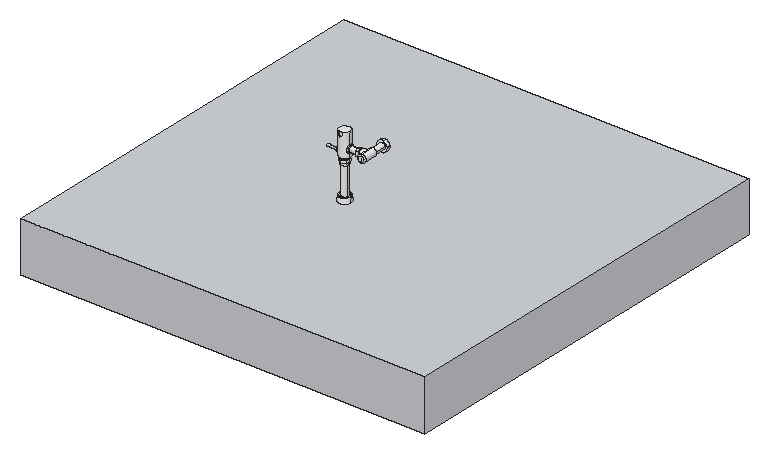
Revit family
Parameters (values of type "Chrome-CP-Polished_Chrome")
  Width Calc = if(Width < 0' 4 3/8", 0' 4 3/8", if(Width > 0' 5 3/8", 0' 5 3/8", Width))  # 0' - 5 3/8"
  Width = 0' - 5 3/8"
  URL = "http://www.us.kohler.com"
  Product Page URL = "http://www.us.kohler.com/onlinecatalog/detail.jsp?prod_num=13516"
  Product Documentation Link = "http://www.us.kohler.com/onlinecatalog/pdf/1151511_4.pdf"
  Overall Width [instance] = 0' - 10.72808"
  Overall Length [instance] = 0' - 6.81488"
  Overall Height [instance] = 1' - 1.40793"
  Model = "K-13516"  # constant formula
  Manufacturer = "Kohler"  # constant formula
  Length Calc = if(Length < 0' 2 1/4", 0' 2 1/4", if(Length > 0' 5", 0' 5", Length))  # 0' - 5"
  Length = 0' - 5"
  Height Calc = if(Height < 0' 11 3/4", 0' 11 3/4", if(Height > 1' 3", 1' 3", Height))  # 1' - 3"
  Height = 1' - 3"
  Flush Rate = 1.6 GPM
  Finish = Chrome-Kohler-CP-Polished Chrome
  Description = "Manual 1.6 gpf Toilet Flush Valve"  # constant formula
  Default Elevation = 0' - 0"
  Created By = "http://www.medialab3dstudio.com"
  Cold Water Radius = 0.688"
  Cold Water Diameter = Cold Water Radius * 2  # 1.37601"
  Cold Water Connector = "Cold Water Connection"  # constant formula
  CWFU = 0
  CW Connection = yes
  Assembly Code = "D2090900"
Reference planes (in)
  plane 1 "Back": y = 0
  plane 2 "Bottom": z = 0
  plane 3 "Center (Left/Right)": x = 0
  plane 4: x = -5.375
  plane 5: z = 11.41556
  plane 6 "Front/Back Center": y = -5
  plane 7: z = 1.05106
  plane 8: z = 1.185
  plane 9: z = 7.87954
  plane 10: z = 8.35583
  plane 11: z = 8.88725
  plane 12: z = 8.93449
  plane 13: z = 8.97384
  plane 14: z = 9.06183
  plane 15: z = 9.28863
  plane 16: z = 9.60385
  plane 17 "Top": z = 15
  plane 18: x = -6.88078
  plane 19: x = -2.05196
  plane 20: x = -3.87111
  plane 21: x = -1.47211
  plane 22: y = -6.14864
  plane 23: y = -6.26572
  plane 24: y = -6.6602
  plane 25: y = -3.44865
  plane 26: z = 12.29047
  plane 27: y = -0.59834
  plane 28: z = 0.97713
  plane 29: z = 8.38059
  plane 30: x = -1.27845
  plane 31: x = -1.25
  plane 32: x = -0.688
  plane 33: x = 1.27845
  plane 34: x = 1.25
  plane 35: x = 0.688
  plane 36: x = 0.87506
  plane 37: x = 0.72038
  plane 38: x = -0.72038
  plane 39: x = -0.87506
  plane 40: x = -3.96479
  plane 41: x = -4.07445
  plane 42: x = -6.80478
  plane 43: x = -6.88078
  plane 44: x = -9.41535
  plane 45: y = -4.78862
  plane 46: y = -5.21138
  plane 47: y = -4.52749
  plane 48: y = -4.24098
  plane 49: y = -4.29211
  plane 50: y = -4.34356
  plane 51: y = -4.16444
  plane 52: y = -6.81488
  plane 53: y = -5.83556
  plane 54: y = -5.65644
  plane 55: y = -5.70789
  plane 56: y = -5.75902
  plane 57: y = -5.47251
  plane 58 "Left": x = -9.44963
  plane 59 "Front": y = -6.81488
  plane 60 "Right": x = 1.27845
  plane 61: x = -6.88084
  plane 62: x = -6.75625
  plane 63: x = -6.4773
  plane 64: x = -6.12495
  plane 65: x = -6.35909
  plane 66: x = -6.40833
  plane 67: x = -6.31969
  plane 68: x = -6.28034
  plane 69: x = -6.24094
  plane 70: x = -6.55616
  plane 71: x = -6.63458
  plane 72: x = -6.73347
  plane 73: x = -6.76287
  plane 74: x = -6.94676
  plane 75: x = -6.99622
  plane 76: x = -9.41535
  plane 77: x = -4.11542
  plane 78: x = -3.95787
  plane 79: x = -3.86916
  plane 80: x = -0.96761
  plane 81: x = -4.17103
  plane 82: x = -4.50906
  plane 83: x = -4.46999
  plane 84: x = -4.4302
  plane 85: x = -4.34167
  plane 86: x = -4.39091
  plane 87: x = -4.62505
  plane 88: x = -4.2727
  plane 89: x = -3.99375
  plane 90: z = 0
  plane 91: z = 9.81043
  plane 92: z = 9.83953
  plane 93: z = 10.07095
  plane 94: z = 10.09239
  plane 95: z = 10.10111
  plane 96: z = 10.52357
  plane 97: z = 10.53229
  plane 98: z = 10.55372
  plane 99: z = 10.78939
  plane 100: z = 10.8188
  plane 101: z = 12.28078
  plane 102: z = 12.12323
  plane 103: z = 12.07199
  plane 104: z = 12.35933
  plane 105: z = 12.25112
  plane 106: z = 10.57999
  plane 107: z = 10.47179
  plane 108: z = 10.76367
  plane 109: z = 10.71243
  plane 110: z = 12.694
  plane 111: z = 12.66556
  plane 112: z = 12.10356
  plane 113: z = 12.29047
  plane 114: z = 14.42934
  plane 115: z = 13.97262
  plane 116: z = 12.14259
  plane 117: z = 10.68827
  plane 118: z = 10.54065
  plane 119: z = 10.72755
  plane 120: z = 10.16556
  plane 121: z = 10.13711
  plane 122: y = -3.74042
  plane 123: y = -6.18507
  plane 124: y = -6.26029
  plane 125: y = -6.19812
  plane 126: y = -5.86612
  plane 127: y = -5.94467
  plane 128: y = -6.19319
  plane 129: y = -5.98409
  plane 130: y = -5.74888
  plane 131: y = -5.95462
  plane 132: y = -6.38125
  plane 133: y = -6.50584
  plane 134: y = -3.49416
  plane 135: y = -3.61875
  plane 136: y = -4.04538
  plane 137: y = -4.25005
  plane 138: y = -4.01573
  plane 139: y = -3.80681
  plane 140: y = -4.05533
  plane 141: y = -4.13388
  plane 142: y = -3.80188
Forms (in)
  Extrusion 1, solid
    sketch origin (0, 0, 0) x (1, 0, 0) y (0, 1, 0)
      loop
        line (-48, 48) -> (-48, -48) -> (48, -48) -> (48, 48) -> (-48, 48)
    from 0 to -12
  Blend 2, solid, material "Chrome-Kohler-CP-Polished Chrome" <- "Finish", detail levels fine
    base sketch origin (0, -3.86406, 0) x (1, 0, 0) y (0, 1, 0)
      loop
        circle (-5.375, -1.13594) r 1.50584
    top sketch origin (0, -3.86406, 0) x (1, 0, 0) y (0, 1, 0)
      loop
        circle (-5.375, -1.13594) r 1.38125
    from 0 to 1.05106
  Blend 3, solid, material "Chrome-Kohler-CP-Polished Chrome" <- "Finish", detail levels fine
    base sketch origin (0, -3.86406, 0) x (1, 0, 0) y (0, 1, 0)
      loop
        circle (-5.375, -1.13594) r 0.74995
    top sketch origin (0, -3.86406, 0) x (1, 0, 0) y (0, 1, 0)
      loop
        circle (-5.375, -1.13594) r 0.74995
    from 1.185 to 7.87954
  Blend 4, solid, material "Chrome-Kohler-CP-Polished Chrome" <- "Finish", detail levels fine
    base sketch origin (0, -3.86406, 0) x (1, 0, 0) y (0, 1, 0)
      loop
        circle (-5.375, -1.13594) r 0.98409
    top sketch origin (0, -3.86406, 0) x (1, 0, 0) y (0, 1, 0)
      loop
        circle (-5.375, -1.13594) r 0.98409
    from 7.87954 to 8.35583
  Blend 5, solid, material "Chrome-Kohler-CP-Polished Chrome" <- "Finish", detail levels fine
    base sketch origin (0, -3.86406, 0) x (1, 0, 0) y (0, 1, 0)
      loop
        circle (-5.375, -1.13594) r 0.94469
    top sketch origin (0, -3.86406, 0) x (1, 0, 0) y (0, 1, 0)
      loop
        circle (-5.375, -1.13594) r 0.94469
    from 8.88725 to 8.93449
  Blend 6, solid, material "Chrome-Kohler-CP-Polished Chrome" <- "Finish", detail levels fine
    base sketch origin (0, -3.86406, 0) x (1, 0, 0) y (0, 1, 0)
      loop
        circle (-5.375, -1.13594) r 0.94469
    top sketch origin (0, -3.86406, 0) x (1, 0, 0) y (0, 1, 0)
      loop
        circle (-5.375, -1.13594) r 0.90545
    from 8.93449 to 8.97384
  Revolve 7, solid, material "Chrome-Kohler-CP-Polished Chrome" <- "Finish", detail levels fine
    sketch origin (0, -5, 0) x (1, 0, 0) y (0, 0, 1)
      loop
        line (-5.375, 9.06183) -> (-6.24094, 9.06183)
        arc (-6.24094, 9.06183) -> (-6.25183, 9.01386) -> (-6.28045, 8.97384) r 0.12456
        line (-6.28045, 8.97384) -> (-5.375, 8.97384) -> (-5.375, 9.06183)
      axis (-5.375, 9.06183) -> (-5.375, 8.97384)
    angle from 0 to 360
  Blend 8, solid, material "Chrome-Kohler-CP-Polished Chrome" <- "Finish", detail levels fine
    base sketch origin (0, -3.86406, 0) x (1, 0, 0) y (0, 1, 0)
      loop
        circle (-5.375, -1.13594) r 0.86594
    top sketch origin (0, -3.86406, 0) x (1, 0, 0) y (0, 1, 0)
      loop
        circle (-5.375, -1.13594) r 0.86594
    from 9.06183 to 9.28863
  Revolve 9, solid, material "Chrome-Kohler-CP-Polished Chrome" <- "Finish", detail levels fine
    sketch origin (0, -5, 0) x (1, 0, 0) y (0, 0, 1)
      loop
        arc (-6.5696, 9.60385) -> (-6.34216, 9.51227) -> (-6.24164, 9.28863) r 0.32822
        line (-6.24164, 9.28863) -> (-5.375, 9.28863) -> (-5.375, 9.60385) -> (-6.5696, 9.60385)
      axis (-5.375, 9.60385) -> (-5.375, 9.28863)
    angle from 0 to 360
  Blend 10, solid, material "Chrome-Kohler-CP-Polished Chrome" <- "Finish", detail levels fine
    base sketch origin (0, -3.86406, 0) x (1, 0, 0) y (0, 1, 0)
      loop
        circle (-5.375, -1.13594) r 1.25958
    top sketch origin (0, -3.86406, 0) x (1, 0, 0) y (0, 1, 0)
      loop
        circle (-5.375, -1.13594) r 1.25958
    from 9.60385 to 15
  Revolve 11, solid, material "Chrome-Kohler-CP-Polished Chrome" <- "Finish", detail levels fine
    sketch origin (0, -5, -0.14367) x (1, 0, 0) y (0, 0, 1)
      loop
        line (-9.44936, 10.456) -> (-5.375, 10.456) -> (-5.375, 10.95791) -> (-6.73377, 10.95791)
        arc (-6.73377, 10.95791) -> (-6.74255, 10.93711) -> (-6.76343, 10.92851) r 0.02966
        line (-6.76343, 10.92851) -> (-6.88078, 10.92851) -> (-6.88078, 10.69739)
        arc (-6.88078, 10.69739) -> (-6.90901, 10.69022) -> (-6.93624, 10.6799) r 0.2572
        arc (-6.93624, 10.6799) -> (-6.96512, 10.67051) -> (-6.99532, 10.66734) r 0.14525
        line (-6.99532, 10.66734) -> (-9.41535, 10.66734)
        arc (-9.41535, 10.66734) -> (-9.44051, 10.56298) -> (-9.44936, 10.456) r 0.69777
      axis (-5.375, 10.456) -> (-9.44936, 10.456)
    angle from 0 to 360
  Revolve 12, solid, material "Chrome-Kohler-CP-Polished Chrome" <- "Finish", detail levels fine
    sketch origin (0, -5, 0) x (1, 0, 0) y (0, 0, 1)
      loop
        line (-4.1152, 12.28074) -> (-5.375, 12.28074) -> (-5.375, 11.41556) -> (-2.05196, 11.41556) -> (-2.05196, 12.07199) -> (-3.87111, 12.07199) -> (-3.87111, 12.12323) -> (-3.9577, 12.12323)
        arc (-3.9577, 12.12323) -> (-4.06907, 12.16937) -> (-4.1152, 12.28074) r 0.1575
      axis (-5.375, 11.41556) -> (-2.05196, 11.41556)
    angle from 0 to 360
  Blend 13, solid, material "Chrome-Kohler-CP-Polished Chrome" <- "Finish", detail levels fine
    base sketch origin (0, 0, 0) x (0, 1, 0) y (0, 0, 1)
      loop
        line (-4.18267, 11.88744) -> (-5, 12.35933) -> (-5.81733, 11.88744) -> (-5.81733, 10.94367) -> (-5, 10.47179) -> (-4.18267, 10.94367) -> (-4.18267, 11.88744)
    top sketch origin (0, 0, 0) x (0, 1, 0) y (0, 0, 1)
      loop
        line (-4.18267, 11.88744) -> (-5, 12.35933) -> (-5.81733, 11.88744) -> (-5.81733, 10.94367) -> (-5, 10.47179) -> (-4.18267, 10.94367) -> (-4.18267, 11.88744)
    from -2.05196 to -1.47211
  Blend 14, void
    base sketch origin (0, 0, 0) x (1, 0, 0) y (0, 0, 1)
      loop
        arc (-5.82421, 14.42934) -> (-5.37495, 13.98007) -> (-4.92568, 14.42934) r 0.44926
        line (-4.92568, 14.42934) -> (-4.92568, 15.03972) -> (-5.82421, 15.03972) -> (-5.82421, 14.42934)
    top sketch origin (0, 0, 0) x (1, 0, 0) y (0, 0, 1)
      loop
        line (-4.95822, 14.42934) -> (-4.95822, 15.03972) -> (-5.79167, 15.03972) -> (-5.79167, 14.42934)
        arc (-5.79167, 14.42934) -> (-5.37495, 14.01261) -> (-4.95822, 14.42934) r 0.41673
    from 6.26572 to 6.14864
  Blend 15, solid, material "Chrome-Kohler-CP-Polished Chrome" <- "Finish", detail levels fine
    base sketch origin (0, 0, 0) x (0, 1, 0) y (0, 0, 1)
      loop
        circle (-5, 11.41556) r 0.83556
    top sketch origin (0, 0, 0) x (0, 1, 0) y (0, 0, 1)
      loop
        circle (-5, 11.41556) r 0.83556
    from -1.47211 to 0
  Revolve 16, solid, material "Chrome-Kohler-CP-Polished Chrome" <- "Finish", detail levels fine
    sketch origin (0, 3.18594, 0) x (0, 1, 0) y (0, 0, 1)
      loop
        line (-6.63459, 11.41556) -> (-6.63459, 12.29047) -> (-9.84614, 12.29047)
        arc (-9.84614, 12.29047) -> (-9.95482, 12.24932) -> (-10.00039, 12.14242) r 0.14817
        line (-10.00039, 12.14242) -> (-10.00039, 11.41556) -> (-6.63459, 11.41556)
      axis (-6.63459, 11.41556) -> (-10.00039, 11.41556)
    angle from 0 to 360
  Blend 17, solid, material "Chrome-Kohler-CP-Polished Chrome" <- "Finish", detail levels fine
    base sketch origin (0, 0, 0) x (1, 0, 0) y (0, 0, 1)
      loop
        circle (0, 11.41556) r 0.688
    top sketch origin (0, 0, 0) x (1, 0, 0) y (0, 0, 1)
      loop
        circle (0, 11.41556) r 0.688
    from 0.59834 to 3.44865
  Blend 18, solid, material "Chrome-Kohler-CP-Polished Chrome" <- "Finish", detail levels fine
    base sketch origin (0, 0, 0) x (1, 0, 0) y (0, 0, 1)
      loop
        circle (0, 11.41556) r 1.27845
    top sketch origin (0, 0, 0) x (1, 0, 0) y (0, 0, 1)
      loop
        circle (0, 11.41556) r 1.25
    from 0 to 0.59834
  Blend 19, solid, material "Chrome-Kohler-CP-Polished Chrome" <- "Finish", detail levels fine
    base sketch origin (0, 0, 0) x (1, 0, 0) y (0, 1, 0)
      loop
        line (-5.375, -3.80681) -> (-6.40833, -4.40341) -> (-6.40833, -5) -> (-6.40833, -5.59659) -> (-5.375, -6.19319) -> (-4.34167, -5.59659) -> (-4.34167, -5) -> (-4.34167, -4.40341) -> (-5.375, -3.80681)
    top sketch origin (0, 0, 0) x (1, 0, 0) y (0, 1, 0)
      loop
        line (-5.375, -3.80681) -> (-6.40833, -4.40341) -> (-6.40833, -5) -> (-6.40833, -5.59659) -> (-5.375, -6.19319) -> (-4.34167, -5.59659) -> (-4.34167, -5) -> (-4.34167, -4.40341) -> (-5.375, -3.80681)
    from 8.35583 to 8.88725
  Blend 20, solid, material "Chrome-Kohler-CP-Polished Chrome" <- "Finish", detail levels fine
    base sketch origin (0, 0, 0) x (1, 0, 0) y (0, 1, 0)
      loop
        line (-4.82385, -4.04538) -> (-5.92615, -4.04538) -> (-6.4773, -5) -> (-5.92615, -5.95462) -> (-4.82385, -5.95462) -> (-4.2727, -5) -> (-4.82385, -4.04538)
    top sketch origin (0, 0, 0) x (1, 0, 0) y (0, 1, 0)
      loop
        line (-4.82385, -4.04538) -> (-5.92615, -4.04538) -> (-6.4773, -5) -> (-5.92615, -5.95462) -> (-4.82385, -5.95462) -> (-4.2727, -5) -> (-4.82385, -4.04538)
    from 1.05106 to 1.185
  Extrusion 21, solid, material "Chrome-Kohler-CP-Polished Chrome" <- "Finish", detail levels coarse+medium
    sketch origin (0, 0, 0) x (1, 0, 0) y (0, 1, 0)
      loop
        line (-9.44963, 0) -> (-9.44963, -6.81488) -> (1.27845, -6.81488) -> (1.27845, 0) -> (-9.44963, 0)
    from 0 to 15
  Extrusion 22, void
    sketch origin (0, 0, 0) x (1, 0, 0) y (0, 0, 1)
      loop
        arc (0.688, 11.41556) -> (0.48649, 11.90205) -> (0, 12.10356) r 0.688
        arc (0, 12.10356) -> (-0.48649, 11.90205) -> (-0.688, 11.41556) r 0.688
        arc (-0.688, 11.41556) -> (-0.48649, 10.92906) -> (0, 10.72755) r 0.688
        arc (0, 10.72755) -> (0.48649, 10.92906) -> (0.688, 11.41556) r 0.688
    from 0 to 0.59834
Cuts and joins
  joined: Blend 2, Blend 3, Blend 4, Blend 5, Blend 19, Blend 20
  Blend 14 cuts Blend 10
  Extrusion 22 cuts Blend 18
  joined: Revolve 9, Blend 10, Revolve 11, Revolve 12, Blend 13, Blend 15, Revolve 16, Blend 17, Blend 18
Lines and regions (in)
  Masking region 1, detail levels medium+fine
    outline origin (0, -5, 0) x (1, 0, 0) y (0, 0, 1)
      loop
        line (-6.88084, 0) -> (-3.86916, 0) -> (-3.99375, 1.05106) -> (-4.2727, 1.05106) -> (-4.2727, 1.185) -> (-4.62505, 1.185) -> (-4.62505, 7.87954) -> (-4.39091, 7.87954) -> (-4.39091, 8.35583) -> (-4.34167, 8.35583) -> (-4.34167, 8.88725) -> (-4.4302, 8.88725) -> (-4.4302, 8.93449) -> (-4.46955, 8.97384)
        arc (-4.46955, 8.97384) -> (-4.49873, 9.0136) -> (-4.50906, 9.06183) r 0.11774
        line (-4.50906, 9.06183) -> (-4.50906, 9.28863)
        arc (-4.50906, 9.28863) -> (-4.40479, 9.51567) -> (-4.17103, 9.60385) r 0.32874
        line (-4.17103, 9.60385) -> (-4.11537, 9.60385) -> (-4.11537, 10.55492)
        arc (-4.11537, 10.55492) -> (-4.06924, 10.66629) -> (-3.95787, 10.71243) r 0.1575
        line (-3.95787, 10.71243) -> (-3.86916, 10.71243) -> (-3.86916, 10.76367) -> (-2.05196, 10.76367) -> (-2.05196, 10.47179) -> (-1.47211, 10.47179) -> (-1.47211, 10.57999) -> (-0.96761, 10.57999)
        arc (-0.96761, 10.57999) -> (0.44575, 10.21733) -> (1.27845, 11.41556) r 1.27845
        arc (1.27845, 11.41556) -> (0.44575, 12.61378) -> (-0.96761, 12.25112) r 1.27845
        line (-0.96761, 12.25112) -> (-1.47211, 12.25112) -> (-1.47211, 12.35933) -> (-2.05196, 12.35933) -> (-2.05196, 12.07199) -> (-3.86916, 12.07199) -> (-3.86916, 12.12323) -> (-3.95787, 12.12323)
        arc (-3.95787, 12.12323) -> (-4.06927, 12.16938) -> (-4.11542, 12.28078) r 0.15754
        line (-4.11542, 12.28078) -> (-4.11542, 15) -> (-6.63458, 15) -> (-6.63458, 10.8188) -> (-6.73347, 10.8188)
        arc (-6.73347, 10.8188) -> (-6.74208, 10.79801) -> (-6.76287, 10.78939) r 0.0294
        line (-6.76287, 10.78939) -> (-6.88084, 10.78939) -> (-6.88084, 10.55371)
        arc (-6.88084, 10.55371) -> (-6.91447, 10.54505) -> (-6.94676, 10.53229) r 0.27867
        arc (-6.94676, 10.53229) -> (-6.97091, 10.52464) -> (-6.99622, 10.52357) r 0.09614
        line (-6.99622, 10.52357) -> (-9.41517, 10.52357)
        arc (-9.41517, 10.52357) -> (-9.44963, 10.31234) -> (-9.41517, 10.10111) r 0.66451
        line (-9.41517, 10.10111) -> (-6.99622, 10.10111)
        arc (-6.99622, 10.10111) -> (-6.97091, 10.10003) -> (-6.94676, 10.09239) r 0.09614
        arc (-6.94676, 10.09239) -> (-6.91444, 10.07961) -> (-6.88078, 10.07095) r 0.279
        line (-6.88078, 10.07095) -> (-6.88078, 9.83953) -> (-6.76287, 9.83953)
        arc (-6.76287, 9.83953) -> (-6.7421, 9.83111) -> (-6.73347, 9.81043) r 0.02911
        line (-6.73347, 9.81043) -> (-6.63458, 9.81043) -> (-6.63458, 9.60385) -> (-6.55616, 9.60385)
        arc (-6.55616, 9.60385) -> (-6.33326, 9.51152) -> (-6.24094, 9.28863) r 0.31522
        line (-6.24094, 9.28863) -> (-6.24094, 9.06183)
        arc (-6.24094, 9.06183) -> (-6.25253, 9.01421) -> (-6.28034, 8.97384) r 0.13527
        line (-6.28034, 8.97384) -> (-6.31969, 8.93449) -> (-6.31969, 8.88725) -> (-6.40833, 8.88725) -> (-6.40833, 8.35583) -> (-6.35909, 8.35583) -> (-6.35909, 7.87954) -> (-6.12495, 7.87954) -> (-6.12495, 1.185) -> (-6.4773, 1.185) -> (-6.4773, 1.05106) -> (-6.75625, 1.05106) -> (-6.88084, 0)
  Masking region 2, detail levels medium+fine
    outline origin (0, 0, 0) x (1, 0, 0) y (0, 1, 0)
      loop
        line (-1.27845, 0) -> (-1.25, -0.59834) -> (-0.688, -0.59834) -> (-0.688, -3.44865) -> (-0.87506, -3.44865) -> (-0.87506, -4.16444) -> (-2.05196, -4.16444) -> (-2.05196, -4.34356) -> (-3.87111, -4.34356) -> (-3.87111, -4.29211) -> (-3.96479, -4.29211)
        arc (-3.96479, -4.29211) -> (-4.0251, -4.2783) -> (-4.07445, -4.24098) r 0.14758
        arc (-4.07445, -4.24098) -> (-5.53216, -3.50239) -> (-6.80478, -4.52749) r 1.50584
        line (-6.80478, -4.52749) -> (-6.88078, -4.52749) -> (-6.88078, -4.78862) -> (-9.41535, -4.78862)
        arc (-9.41535, -4.78862) -> (-9.44963, -5) -> (-9.41535, -5.21138) r 0.66887
        line (-9.41535, -5.21138) -> (-6.88078, -5.21138) -> (-6.88078, -5.47251) -> (-6.80478, -5.47251)
        arc (-6.80478, -5.47251) -> (-5.53216, -6.49761) -> (-4.07445, -5.75902) r 1.50584
        arc (-4.07445, -5.75902) -> (-4.0251, -5.7217) -> (-3.96479, -5.70789) r 0.14758
        line (-3.96479, -5.70789) -> (-3.87111, -5.70789) -> (-3.87111, -5.65644) -> (-2.05196, -5.65644) -> (-2.05196, -5.83556) -> (-0.87506, -5.83556) -> (-0.87506, -6.6602)
        arc (-0.87506, -6.6602) -> (-0.82976, -6.76958) -> (-0.72038, -6.81488) r 0.15468
        line (-0.72038, -6.81488) -> (0.72038, -6.81488)
        arc (0.72038, -6.81488) -> (0.82976, -6.76958) -> (0.87506, -6.6602) r 0.15468
        line (0.87506, -6.6602) -> (0.87506, -3.44865) -> (0.688, -3.44865) -> (0.688, -0.59834) -> (1.25, -0.59834) -> (1.27845, 0) -> (-1.27845, 0)
  Masking region 3, detail levels coarse
    outline origin (0, 0, 0) x (1, 0, 0) y (0, 1, 0)
      loop
        line (-9.44963, 0) -> (-9.44963, -6.81488) -> (1.27845, -6.81488) -> (1.27845, 0) -> (-9.44963, 0)
  Masking region 4, detail levels coarse
    outline origin (0, 0, 0) x (1, 0, 0) y (0, 0, 1)
      loop
        line (-9.44963, 15) -> (-9.44963, 0) -> (1.27845, 0) -> (1.27845, 15) -> (-9.44963, 15)
  Masking region 5, detail levels medium+fine
    outline origin (0, 0, 0) x (0, 1, 0) y (0, 0, 1)
      loop
        line (0, 10.13711) -> (0, 12.694) -> (-0.59834, 12.66556) -> (-0.59834, 12.10356) -> (-3.44865, 12.10356) -> (-3.44865, 12.29047) -> (-3.74042, 12.29047) -> (-3.74042, 15) -> (-6.18507, 15) -> (-6.18507, 14.42934)
        arc (-6.18507, 14.42934) -> (-6.204, 14.1979) -> (-6.26029, 13.97262) r 1.42415
        line (-6.26029, 13.97262) -> (-6.26029, 12.29047) -> (-6.6602, 12.29047)
        arc (-6.6602, 12.29047) -> (-6.767, 12.24752) -> (-6.81432, 12.14259) r 0.15425
        line (-6.81432, 12.14259) -> (-6.81432, 10.68827)
        arc (-6.81432, 10.68827) -> (-6.76877, 10.58156) -> (-6.6602, 10.54065) r 0.14776
        line (-6.6602, 10.54065) -> (-6.26029, 10.54065) -> (-6.26029, 9.60385) -> (-6.19812, 9.60385)
        arc (-6.19812, 9.60385) -> (-5.96916, 9.51243) -> (-5.86612, 9.28846) r 0.33244
        line (-5.86612, 9.28846) -> (-5.86612, 9.06183)
        arc (-5.86612, 9.06183) -> (-5.8937, 8.99072) -> (-5.94467, 8.93396) r 0.21202
        line (-5.94467, 8.93396) -> (-5.94467, 8.88725) -> (-6.19319, 8.88725) -> (-6.19319, 8.35583) -> (-5.98409, 8.35583) -> (-5.98409, 7.87954) -> (-5.74888, 7.87954) -> (-5.74888, 1.185) -> (-5.95462, 1.185) -> (-5.95462, 1.05106) -> (-6.38125, 1.05106) -> (-6.50584, 0) -> (-3.49416, 0) -> (-3.61875, 1.05106) -> (-4.04538, 1.05106) -> (-4.04538, 1.185) -> (-4.25005, 1.185) -> (-4.25005, 7.87954) -> (-4.01573, 7.87954) -> (-4.01573, 8.35583) -> (-3.80681, 8.35583) -> (-3.80681, 8.88725) -> (-4.05533, 8.88725) -> (-4.05533, 8.93396)
        arc (-4.05533, 8.93396) -> (-4.1063, 8.99072) -> (-4.13388, 9.06183) r 0.21202
        line (-4.13388, 9.06183) -> (-4.13388, 9.28846)
        arc (-4.13388, 9.28846) -> (-4.03084, 9.51243) -> (-3.80188, 9.60385) r 0.33244
        line (-3.80188, 9.60385) -> (-3.74042, 9.60385) -> (-3.74042, 10.54065) -> (-3.44865, 10.54065) -> (-3.44865, 10.72755) -> (-0.59834, 10.72755) -> (-0.59834, 10.16556) -> (0, 10.13711)
  Masking region 6, detail levels coarse
    outline origin (0, 0, 0) x (0, 1, 0) y (0, 0, 1)
      loop
        line (0, 15) -> (-6.81488, 15) -> (-6.81488, 0) -> (0, 0) -> (0, 15)
  Masking region 7, detail levels fine
    outline origin (0, 0, 0) x (1, 0, 0) y (0, 0, 1)
      loop
        circle (0, 11.41556) r 1.27845
  symbolic lines, style "Masking Lines", detail levels fine
    curve 1: line (-9.41541, 0, 10.101) -> (-9.41541, 0, 10.52367)
    curve 2: line (-6.88084, 0, 10.78484) -> (-6.88084, 0, 9.83983)
    curve 3: line (-6.73382, 0, 9.81043) -> (-6.73382, 0, 10.81425)
    curve 4: line (-6.63464, 0, 10.81425) -> (-6.63464, 0, 9.81043)
    curve 5: line (-4.11547, 0, 10.55037) -> (-4.11547, 0, 12.28074)
    curve 6: line (-4.11525, 0, 10.55037) -> (-4.11525, 0, 12.28074)
    curve 7: line (-3.87116, 0, 12.12323) -> (-3.87116, 0, 10.70788)
    curve 8: line (-6.63464, 0, 9.60385) -> (-4.11547, 0, 9.60385)
    curve 9: line (-6.24169, 0, 9.28863) -> (-4.50842, 0, 9.28863)
    curve 10: line (-6.24099, 0, 9.06183) -> (-4.50912, 0, 9.06183)
    curve 11: line (-6.2805, 0, 8.97384) -> (-4.46961, 0, 8.97384)
    curve 12: line (-4.43037, 0, 8.93449) -> (-6.31974, 0, 8.93449)
    curve 13: line (-6.40838, 0, 8.35583) -> (-4.34172, 0, 8.35583)
    curve 14: line (-5.37505, 0, 8.35583) -> (-5.37505, 0, 8.88725)
    curve 15: line (-6.35915, 0, 7.87954) -> (-4.39096, 0, 7.87954)
    curve 16: line (-5.80185, 0, 14.42934) -> (-5.80185, 0, 15)
    curve 17: line (-4.94816, 0, 15) -> (-4.94816, 0, 14.42934)
    curve 18: line (-4.94816, 0, 14.42934) -> (-5.80185, 0, 14.42934)
    curve 19: arc (-5.79173, 0, 14.42934) -> (-5.375, 0, 14.01261) -> (-4.95827, 0, 14.42934) r 0.41673
    curve 20: line (-5.79173, 0, 15) -> (-5.79173, 0, 14.42934)
    curve 21: line (-4.95827, 0, 14.42934) -> (-4.95827, 0, 15)
    curve 43: line (-4.2727, 0, 1.185) -> (-6.4773, 0, 1.185)
    curve 44: line (-5.92615, 0, 1.05106) -> (-5.92615, 0, 1.185)
    curve 45: line (-4.82385, 0, 1.05106) -> (-4.82385, 0, 1.185)
    curve 46: line (-3.99375, 0, 1.05106) -> (-6.75625, 0, 1.05106)
    curve 47: line (-6.4773, 0, 1.185) -> (-6.4773, 0, 1.05106)
    curve 53: line (-1.25, -0.59834, 0) -> (1.25, -0.59834, 0)
    curve 54: line (0, -3.44865, 0) -> (0.87491, -3.44865, 0)
    curve 55: line (-0.87491, -3.44865, 0) -> (0, -3.44865, 0)
    curve 56: line (-0.87491, -5.83556, 0) -> (-0.87491, -4.16444, 0)
    curve 57: line (-1.47211, -5.81733, 0) -> (-1.47211, -4.18267, 0)
    curve 58: line (-1.47211, -5, 0) -> (-2.05196, -5, 0)
    curve 59: line (-1.47211, -4.18267, 0) -> (-2.05196, -4.18267, 0)
    curve 60: line (-2.05196, -5.81733, 0) -> (-1.47211, -5.81733, 0)
    curve 61: line (-2.05196, -4.18267, 0) -> (-2.05196, -5.81733, 0)
    curve 62: line (-3.87111, -5, 0) -> (-3.87111, -5.70768, 0)
    curve 63: line (-3.87111, -4.29232, 0) -> (-3.87111, -5, 0)
    curve 64: line (-6.88078, -4.52749, 0) -> (-6.88078, -5, 0)
    curve 65: line (-6.88078, -5, 0) -> (-6.88078, -5.47251, 0)
    curve 66: arc (-6.63458, -5, 0) -> (-5.375, -6.25958, 0) -> (-4.11542, -5, 0) r 1.25958
    curve 67: arc (-4.11542, -5, 0) -> (-5.375, -3.74042, 0) -> (-6.63458, -5, 0) r 1.25958
    curve 68: arc (-4.29867, -4.13434, 0) -> (-5.60065, -3.6373, 0) -> (-6.67292, -4.52749, 0) r 1.38125
    curve 69: arc (-6.67292, -5.47251, 0) -> (-5.60031, -6.36275, 0) -> (-4.29824, -5.86513, 0) r 1.38125
    curve 70: line (-4.95822, -6.14864, 0) -> (-5.79167, -6.14864, 0)
    curve 71: line (-4.9481, -6.18504, 0) -> (-4.95822, -6.14864, 0)
    curve 72: line (-5.79167, -6.14864, 0) -> (-5.8018, -6.18507, 0)
    curve 73: line (-4.1564, -4.13434, 0) -> (-4.46002, -4.13434, 0)
    curve 74: line (-4.15589, -5.86513, 0) -> (-4.45952, -5.86513, 0)
    curve 75: line (-6.88078, -4.52749, 0) -> (-6.5426, -4.52749, 0)
    curve 76: line (-6.88078, -5.47251, 0) -> (-6.5426, -5.47251, 0)
    curve 77: line (0, -0.59834, 12.66556) -> (0, -0.59834, 10.16556)
    curve 78: line (0, -3.44865, 12.29047) -> (0, -3.44865, 10.54065)
    curve 79: line (-9.44963, -3.74042, 10.54065) -> (-9.44963, -3.74042, 12.29047)
    curve 80: line (-9.44963, -6.26029, 12.29047) -> (-9.44963, -6.26029, 10.54065)
    curve 81: line (0, -6.25958, 9.60385) -> (0, -3.74042, 9.60385)
    curve 82: line (0, -5, 9.28863) -> (0, -4.13336, 9.28863)
    curve 83: line (0, -5.86664, 9.28863) -> (0, -5, 9.28863)
    curve 84: line (0, -5.86594, 9.06183) -> (0, -4.13406, 9.06183)
    curve 85: line (0, -5, 8.97384) -> (0, -4.09455, 8.97384)
    curve 86: line (0, -5.90545, 8.97384) -> (0, -5, 8.97384)
    curve 87: line (0, -4.05531, 8.93449) -> (0, -5.94469, 8.93449)
    curve 88: line (0, -3.80681, 8.88725) -> (0, -6.19319, 8.88725)
    curve 89: line (0, -6.19319, 8.35583) -> (0, -3.80681, 8.35583)
    curve 90: line (0, -5.98409, 7.87954) -> (0, -4.01591, 7.87954)
    curve 91: line (0, -4.04538, 1.185) -> (0, -5.95462, 1.185)
    curve 92: line (0, -3.61875, 1.05106) -> (0, -6.38125, 1.05106)
    curve 93: line (0, -4.40341, 8.88725) -> (0, -4.40341, 8.35583)
    curve 94: line (0, -5.59659, 8.35583) -> (0, -5.59659, 8.88725)
    curve 95: line (1.27845, -6.26029, 12.29047) -> (1.27845, -3.74042, 12.29047)
    curve 96: line (1.27845, -6.26029, 10.54065) -> (1.27845, -3.74042, 10.54065)
    curve 97: line (-2.05196, -5, 12.35933) -> (-2.05196, -5, 10.47179)
    curve 98: line (-2.05196, -5, 10.94367) -> (-1.47211, -5, 10.94367)
    curve 99: line (-2.05196, -5, 11.88744) -> (-1.47211, -5, 11.88744)
    curve 100: line (-1.47211, -5, 10.47179) -> (-1.47211, -5, 12.35933)
    curve 101: arc (0, -6.81488, 12.29047) -> (-0.87491, -6.81488, 11.41556) -> (0, -6.81488, 10.54065) r 0.87491
    curve 102: arc (0, -6.81488, 10.54065) -> (0.87491, -6.81488, 11.41556) -> (0, -6.81488, 12.29047) r 0.87491
    curve 103: arc (0, -6.81488, 12.10356) -> (0.48649, -6.81488, 11.90205) -> (0.688, -6.81488, 11.41556) r 0.688
    curve 104: arc (0.688, -6.81488, 11.41556) -> (0.48649, -6.81488, 10.92906) -> (0, -6.81488, 10.72755) r 0.688
    curve 105: arc (0, -6.81488, 10.72755) -> (-0.48649, -6.81488, 10.92906) -> (-0.688, -6.81488, 11.41556) r 0.688
    curve 106: arc (-0.688, -6.81488, 11.41556) -> (-0.48649, -6.81488, 11.90205) -> (0, -6.81488, 12.10356) r 0.688
    curve 107: line (-0.25943, -6.81488, 12.25112) -> (-1.47211, -6.81488, 12.25112)
    curve 108: line (-1.47211, -6.81488, 10.57999) -> (-0.25943, -6.81488, 10.57999)
    curve 109: arc (-9.44963, -5, 10.81425) -> (-9.44963, -4.49809, 10.31234) -> (-9.44963, -5, 9.81043) r 0.50191
    curve 110: arc (-9.44963, -5, 9.81043) -> (-9.44963, -5.50191, 10.31234) -> (-9.44963, -5, 10.81425) r 0.50191
    curve 111: arc (-9.44963, -5, 10.101) -> (-9.44963, -5.21134, 10.31234) -> (-9.44963, -5, 10.52367) r 0.21134
    curve 112: arc (-9.44963, -5, 10.52367) -> (-9.44963, -4.78866, 10.31234) -> (-9.44963, -5, 10.101) r 0.21134
    curve 113: arc (-9.44963, -5, 10.78484) -> (-9.44963, -4.52749, 10.31234) -> (-9.44963, -5, 9.83983) r 0.47251
    curve 114: arc (-9.44963, -5, 9.83983) -> (-9.44963, -5.47251, 10.31234) -> (-9.44963, -5, 10.78484) r 0.47251
  symbolic lines, style "Masking Lines", not visible, detail levels fine
    curve 22: line (-9.41535, 0, 10.101) -> (-9.41535, 0, 10.52367)
    curve 23: line (-6.88078, 0, 10.78484) -> (-6.88078, 0, 9.83983)
    curve 24: line (-6.73377, 0, 9.81043) -> (-6.73377, 0, 10.81425)
    curve 25: line (-6.63458, 0, 10.81425) -> (-6.63458, 0, 9.81043)
    curve 26: line (-4.11542, 0, 10.55037) -> (-4.11542, 0, 12.28074)
    curve 27: line (-4.1152, 0, 10.55037) -> (-4.1152, 0, 12.28074)
    curve 28: line (-3.87111, 0, 12.12323) -> (-3.87111, 0, 10.70788)
    curve 29: line (-6.63458, 0, 9.60385) -> (-4.11542, 0, 9.60385)
    curve 30: line (-6.24164, 0, 9.28863) -> (-4.50836, 0, 9.28863)
    curve 31: line (-6.24094, 0, 9.06183) -> (-4.50906, 0, 9.06183)
    curve 32: line (-6.28045, 0, 8.97384) -> (-4.46955, 0, 8.97384)
    curve 33: line (-4.43031, 0, 8.93449) -> (-6.31969, 0, 8.93449)
    curve 34: line (-6.40833, 0, 8.35583) -> (-4.34167, 0, 8.35583)
    curve 35: line (-5.375, 0, 8.35583) -> (-5.375, 0, 8.88725)
    curve 36: line (-6.35909, 0, 7.87954) -> (-4.39091, 0, 7.87954)
    curve 37: line (-5.8018, 0, 14.42934) -> (-5.8018, 0, 15)
    curve 38: line (-4.9481, 0, 15) -> (-4.9481, 0, 14.42934)
    curve 39: line (-4.9481, 0, 14.42934) -> (-5.8018, 0, 14.42934)
    curve 40: arc (-5.79167, 0, 14.42934) -> (-5.37495, 0, 14.01261) -> (-4.95822, 0, 14.42934) r 0.41673
    curve 41: line (-5.79167, 0, 15) -> (-5.79167, 0, 14.42934)
    curve 42: line (-4.95822, 0, 14.42934) -> (-4.95822, 0, 15)
    curve 48: line (-4.2727, 0, 1.185) -> (-6.4773, 0, 1.185)
    curve 49: line (-5.92615, 0, 1.05106) -> (-5.92615, 0, 1.185)
    curve 50: line (-4.82385, 0, 1.05106) -> (-4.82385, 0, 1.185)
    curve 51: line (-3.99375, 0, 1.05106) -> (-6.75625, 0, 1.05106)
    curve 52: line (-6.4773, 0, 1.185) -> (-6.4773, 0, 1.05106)
Dimensions and locks (in)
  locked: plane 7 to plane 2 "Bottom" at 1.05106
  locked: plane 8 to plane 2 "Bottom" at 1.185
  locked: plane 17 "Top" to plane 16 at 5.39615
  locked: plane 17 "Top" to plane 15 at 5.71137
  locked: plane 17 "Top" to plane 14 at 5.93817
  locked: plane 17 "Top" to plane 13 at 6.02616
  locked: plane 17 "Top" to plane 12 at 6.06551
  locked: plane 17 "Top" to plane 11 at 6.11275
  locked: plane 17 "Top" to plane 10 at 6.64417
  locked: plane 17 "Top" to plane 9 at 7.12046
  locked: plane 18 to plane 4 at 1.50578
  locked: plane 4 to plane 20 at 1.50389
  locked: plane 17 "Top" to plane 5 at 3.58444
  locked: plane 22 to plane 6 "Front/Back Center" at 1.14864
  locked: plane 23 to plane 6 "Front/Back Center" at 1.26572
  locked: plane 6 "Front/Back Center" to plane 25 at 1.55135
  locked: plane 24 to plane 6 "Front/Back Center" at 1.6602
  locked: plane 5 to plane 26 at 0.87491
  locked: plane 3 "Center (Left/Right)" to plane 21 at 1.47211
  locked: plane 3 "Center (Left/Right)" to plane 19 at 2.05196
  "Width Calc": plane 3 "Center (Left/Right)" to plane 4
  "Length Calc": plane 6 "Front/Back Center" to plane 1 "Back"
  locked: plane 17 "Top" to plane 29 at 6.61941
  locked: plane 28 to plane 2 "Bottom" at 0.97713
  locked: plane 42 to plane 4 at 1.42978
  locked: plane 43 to plane 4 at 1.50578
  locked: plane 44 to plane 4 at 4.04035
  locked: plane 4 to plane 41 at 1.30055
  locked: plane 4 to plane 40 at 1.41021
  plane 30 to plane 31 to plane 39 to plane 38 to plane 32 to plane 3 "Center (Left/Right)" to plane 35 to plane 37 to plane 36 to plane 34 to plane 33 = 0' - 0.02845" locked, 0' - 0.37494" locked, 0' - 0.15468" locked, 0' - 0.03238" locked, 0' - 0.688" locked, 0' - 0.688" locked, 0' - 0.03238" locked, 0' - 0.15468" locked, 0' - 0.37494" locked, 0' - 0.02845" locked
  plane 52 to plane 53 to plane 56 to plane 55 to plane 54 to plane 57 to plane 46 to plane 6 "Front/Back Center" to plane 45 to plane 47 to plane 50 to plane 49 to plane 48 to plane 51 = 0' - 0.97932" locked, 0' - 0.07654" locked, 0' - 0.05113" locked, 0' - 0.05145" locked, 0' - 0.18393" locked, 0' - 0.26113" locked, 0' - 0.21138" locked, 0' - 0.21138" locked, 0' - 0.26113" locked, 0' - 0.18393" locked, 0' - 0.05145" locked, 0' - 0.05113" locked, 0' - 0.07654" locked
  locked: plane 58 "Left" to plane 4 at 4.07463
  locked: plane 59 "Front" to plane 6 "Front/Back Center" at 1.81488
  locked: plane 3 "Center (Left/Right)" to plane 60 "Right" at 1.27845
  plane 75 to plane 74 to plane 61 to plane 73 to plane 62 to plane 72 to plane 71 to plane 70 to plane 63 to plane 66 to plane 65 to plane 67 to plane 68 to plane 69 to plane 64 to plane 4 to plane 87 to plane 82 to plane 83 to plane 84 to plane 86 to plane 85 to plane 88 to plane 81 to plane 77 to plane 89 to plane 78 to plane 79 = 0' - 0.04946" locked, 0' - 0.06592" locked, 0' - 0.11797" locked, 0' - 0.00662" locked, 0' - 0.02278" locked, 0' - 0.09888" locked, 0' - 0.07843" locked, 0' - 0.07886" locked, 0' - 0.06897" locked, 0' - 0.04924" locked, 0' - 0.0394" locked, 0' - 0.03935" locked, 0' - 0.0394" locked, 0' - 0.11599" locked, 0' - 0.74995" locked, 0' - 0.74995" locked, 0' - 0.11599" locked, 0' - 0 5/128" locked, 0' - 0.03978" locked, 0' - 0.03929" locked, 0' - 0.04924" locked, 0' - 0.06897" locked, 0' - 0.10167" locked, 0' - 0.05561" locked, 0' - 0.12167" locked, 0' - 0.03588" locked, 0' - 0.08871" locked
  plane 104 to plane 101 to plane 105 to plane 102 to plane 103 to plane 5 to plane 100 to plane 99 to plane 108 to plane 109 to plane 106 to plane 98 to plane 97 to plane 96 to plane 107 to plane 95 to plane 94 to plane 93 to plane 92 to plane 91 = 0' - 0.07855" locked, 0' - 0.02966" locked, 0' - 0.12788" locked, 0' - 0.05124" locked, 0' - 0.65644" locked, 0' - 0.59676" locked, 0' - 0.0294" locked, 0' - 0.02573" locked, 0' - 0.05124" locked, 0' - 0.13243" locked, 0' - 0.02628" locked, 0' - 0.02143" locked, 0' - 0.00872" locked, 0' - 0.05178" locked, 0' - 0.37068" locked, 0' - 0.00872" locked, 0' - 0.02144" locked, 0' - 0.23142" locked, 0' - 0.02911" locked
  locked: plane 76 to plane 20 at 5.54425
  plane 134 to plane 135 to plane 122 to plane 142 to plane 139 to plane 138 to plane 136 to plane 140 to plane 141 to plane 137 to plane 6 "Front/Back Center" to plane 130 to plane 126 to plane 127 to plane 131 to plane 129 to plane 123 to plane 128 to plane 125 to plane 124 to plane 132 to plane 133 = 0' - 0.12459" locked, 0' - 0.12167" locked, 0' - 0.06146" locked, 0' - 0.00493" locked, 0' - 0.20892" locked, 0' - 0.02965" locked, 0' - 0.00995" locked, 0' - 0.07854" locked, 0' - 0.11618" locked, 0' - 0.74995" locked, 0' - 0.74888" locked, 0' - 0.11725" locked, 0' - 0.07854" locked, 0' - 0.00995" locked, 0' - 0.02947" locked, 0' - 0.20098" locked, 0' - 0.00811" locked, 0' - 0.00493" locked, 0' - 0.06217" locked, 0' - 0.12096" locked, 0' - 0.12459" locked
  plane 114 to plane 115 to plane 110 to plane 111 to plane 113 to plane 116 to plane 112 to plane 5 to plane 119 to plane 117 to plane 118 to plane 120 to plane 121 = 0' - 0.45672" locked, 0' - 1.27861" locked, 0' - 0.02845" locked, 0' - 0.37509" locked, 0' - 0.14788" locked, 0' - 0.03903" locked, 0' - 0.688" locked, 0' - 0.688" locked, 0' - 0.03929" locked, 0' - 0.14762" locked, 0' - 0.37509" locked, 0' - 0.02845" locked
  "Overall Width": plane 58 "Left" to plane 60 "Right"
  "Overall Length": plane 59 "Front" to plane 1 "Back"
  "Height Calc": plane 17 "Top" to plane 2 "Bottom"
  "Cold Water Radius": radius of Extrusion 22 sketch curve
  aligned and locked: plane 2 "Bottom" to Extrusion 1
  aligned and locked: level to Extrusion 1
  aligned and locked: Blend 2 to plane 7
  aligned and locked: plane 6 "Front/Back Center" to Blend 2
  aligned and locked: plane 6 "Front/Back Center" to Blend 10
  aligned and locked: plane 6 "Front/Back Center" to Revolve 9
  aligned and locked: plane 6 "Front/Back Center" to Blend 4
  aligned and locked: plane 6 "Front/Back Center" to Blend 6
  aligned and locked: plane 6 "Front/Back Center" to Blend 5
  aligned and locked: plane 6 "Front/Back Center" to Revolve 7
  aligned and locked: plane 6 "Front/Back Center" to Blend 8
  aligned and locked: plane 6 "Front/Back Center" to Blend 3
  aligned and locked: Blend 2 to plane 2 "Bottom"
  aligned and locked: plane 8 to Blend 3
  aligned and locked: Blend 3 to plane 9
  aligned and locked: plane 9 to Blend 4
  aligned and locked: Blend 4 to plane 10
  aligned and locked: plane 11 to Blend 5
  aligned and locked: Blend 5 to plane 12
  aligned and locked: plane 12 to Blend 6
  aligned and locked: Blend 6 to plane 13
  aligned and locked: plane 14 to Revolve 7 sketch curve
  aligned and locked: Revolve 7 sketch curve to plane 13
  aligned and locked: plane 14 to Blend 8
  aligned and locked: Revolve 9 sketch curve to plane 15
  aligned and locked: plane 16 to Revolve 9 sketch curve
  aligned and locked: Blend 8 to plane 15
  aligned and locked: plane 16 to Blend 10
  aligned and locked: Blend 10 to plane 17 "Top"
  aligned and locked: plane 4 to Revolve 11 sketch curve
  aligned and locked: Revolve 11 sketch curve to plane 18
  aligned and locked: plane 4 to Revolve 12
  aligned and locked: plane 19 to Revolve 12
  aligned and locked: plane 20 to Revolve 12
  aligned and locked: plane 19 to Blend 13
  aligned and locked: Blend 13 to plane 21
  aligned and locked: plane 23 to Blend 14
  aligned and locked: plane 22 to Blend 14
  aligned and locked: plane 3 "Center (Left/Right)" to Blend 15
  aligned and locked: plane 21 to Blend 15
  aligned and locked: plane 24 to Revolve 16
  aligned and locked: plane 25 to Revolve 16
  aligned and locked: plane 26 to Revolve 16 sketch curve
  aligned and locked: plane 25 to Blend 17
  aligned and locked: Blend 19 to plane 11
  aligned and locked: plane 10 to Blend 19
  aligned and locked: plane 7 to Blend 20
  aligned and locked: Blend 20 to plane 8
  aligned and locked: cut or joined group 1 (Revolve 9, Blend 10, Revolve 11, Revolve 12, Blend 13, Blend 14, Blend 15, Revolve 16, Blend 17, Blend 18, Extrusion 22) to plane 27
  aligned and locked: plane 27 to cut or joined group 1
  aligned and locked: cut or joined group 1 to plane 1 "Back"
  aligned and locked: Masking region 1 sketch curve to cut or joined group of Blend 2, Blend 3, Blend 4, Blend 5, Blend 19, Blend 20  (x2)
  aligned and locked: plane 9 to curve 15
  aligned and locked: Masking region 1 to curve 2
  aligned and locked: curve 46 to plane 7
  aligned and locked: curve 47 to Masking region 1
  aligned and locked: plane 1 "Back" to Masking region 2 sketch curve
  aligned and locked: plane 33 to Masking region 2 sketch curve
  aligned and locked: plane 34 to Masking region 2 sketch curve
  aligned and locked: Masking region 2 sketch curve to plane 27
  aligned and locked: plane 35 to Masking region 2 sketch curve
  aligned and locked: plane 25 to Masking region 2 sketch curve
  aligned and locked: plane 36 to Masking region 2 sketch curve
  aligned and locked: plane 24 to Masking region 2 sketch curve  (x2)
  aligned and locked: plane 37 to Masking region 2 sketch curve
  aligned and locked: plane 52 to Masking region 2 sketch curve
  aligned and locked: plane 38 to Masking region 2 sketch curve
  aligned and locked: Masking region 2 sketch curve to plane 39  (x2)
  aligned and locked: plane 53 to Masking region 2 sketch curve
  aligned and locked: Masking region 2 sketch curve to plane 19  (x2)
  aligned and locked: Masking region 2 sketch curve to plane 54
  aligned and locked: Masking region 2 sketch curve to plane 20
  aligned and locked: plane 55 to Masking region 2 sketch curve
  aligned and locked: plane 40 to Masking region 2 sketch curve  (x2)
  aligned and locked: plane 41 to Masking region 2 sketch curve  (x2)
  aligned and locked: plane 56 to Masking region 2 sketch curve
  aligned and locked: plane 57 to Masking region 2 sketch curve
  aligned and locked: plane 43 to Masking region 2 sketch curve
  aligned and locked: plane 46 to Masking region 2 sketch curve
  aligned and locked: plane 44 to Masking region 2 sketch curve  (x2)
  aligned and locked: plane 45 to Masking region 2 sketch curve
  aligned and locked: Masking region 2 sketch curve to plane 43
  aligned and locked: plane 47 to Masking region 2 sketch curve
  aligned and locked: plane 42 to Masking region 2 sketch curve
  aligned and locked: plane 48 to Masking region 2 sketch curve
  aligned and locked: plane 49 to Masking region 2 sketch curve
  aligned and locked: plane 20 to Masking region 2 sketch curve
  aligned and locked: plane 50 to Masking region 2 sketch curve
  aligned and locked: Masking region 2 sketch curve to plane 51
  aligned and locked: Masking region 2 sketch curve to plane 25
  aligned and locked: plane 32 to Masking region 2 sketch curve
  aligned and locked: plane 27 to Masking region 2 sketch curve
  aligned and locked: plane 31 to Masking region 2 sketch curve
  aligned and locked: curve 53 to cut or joined group 1
  aligned and locked: curve 54 to cut or joined group 1
  aligned and locked: curve 55 to cut or joined group 1
  aligned and locked: curve 57 to cut or joined group 1
  aligned and locked: curve 58 to cut or joined group 1
  aligned and locked: curve 59 to cut or joined group 1
  aligned and locked: curve 60 to cut or joined group 1
  aligned and locked: curve 61 to cut or joined group 1
  aligned and locked: curve 62 to cut or joined group 1
  aligned and locked: curve 63 to cut or joined group 1
  aligned and locked: curve 64 to cut or joined group 1
  aligned and locked: curve 65 to cut or joined group 1
  aligned and locked: curve 66 to cut or joined group 1
  aligned and locked: curve 67 to cut or joined group 1
  aligned and locked: curve 68 to cut or joined group of Blend 2, Blend 3, Blend 4, Blend 5, Blend 19, Blend 20
  aligned and locked: curve 69 to cut or joined group of Blend 2, Blend 3, Blend 4, Blend 5, Blend 19, Blend 20
  aligned and locked: curve 70 to cut or joined group 1
  aligned and locked: curve 71 to cut or joined group 1
  aligned and locked: curve 72 to cut or joined group 1
  aligned and locked: plane 1 "Back" to Masking region 3 sketch curve
  aligned and locked: Masking region 3 sketch curve to plane 58 "Left"
  aligned and locked: Masking region 3 sketch curve to plane 59 "Front"
  aligned and locked: plane 60 "Right" to Masking region 3 sketch curve
  aligned and locked: plane 17 "Top" to Masking region 4 sketch curve
  aligned and locked: plane 60 "Right" to Masking region 4 sketch curve
  aligned and locked: plane 2 "Bottom" to Masking region 4 sketch curve
  aligned and locked: Masking region 4 sketch curve to plane 58 "Left"
  aligned and locked: plane 93 to Masking region 1 sketch curve
  aligned and locked: plane 90 to Masking region 1 sketch curve
  aligned and locked: plane 61 to Masking region 1 sketch curve
  aligned and locked: plane 62 to Masking region 1 sketch curve
  aligned and locked: Masking region 1 sketch curve to plane 63
  aligned and locked: Masking region 1 sketch curve to plane 64
  aligned and locked: Masking region 1 sketch curve to plane 65
  aligned and locked: plane 66 to Masking region 1 sketch curve
  aligned and locked: Masking region 1 sketch curve to plane 67
  aligned and locked: plane 68 to Masking region 1 sketch curve
  aligned and locked: Masking region 1 sketch curve to plane 69
  aligned and locked: plane 69 to Masking region 1 sketch curve
  aligned and locked: plane 70 to Masking region 1 sketch curve
  aligned and locked: Masking region 1 sketch curve to plane 71  (x2)
  aligned and locked: Masking region 1 sketch curve to plane 91
  aligned and locked: plane 72 to Masking region 1 sketch curve  (x2)
  aligned and locked: plane 91 to Masking region 1 sketch curve
  aligned and locked: plane 73 to Masking region 1 sketch curve  (x2)
  aligned and locked: Masking region 1 sketch curve to plane 92
  aligned and locked: plane 74 to Masking region 1 sketch curve  (x2)
  aligned and locked: plane 94 to Masking region 1 sketch curve
  aligned and locked: plane 75 to Masking region 1 sketch curve  (x2)
  aligned and locked: Masking region 1 sketch curve to plane 95
  aligned and locked: Masking region 1 sketch curve to plane 96
  aligned and locked: plane 97 to Masking region 1 sketch curve
  aligned and locked: Masking region 1 sketch curve to plane 61
  aligned and locked: plane 99 to Masking region 1 sketch curve
  aligned and locked: plane 100 to Masking region 1 sketch curve
  aligned and locked: plane 77 to Masking region 1 sketch curve
  aligned and locked: plane 101 to Masking region 1 sketch curve
  aligned and locked: plane 78 to Masking region 1 sketch curve  (x2)
  aligned and locked: Masking region 1 sketch curve to plane 102
  aligned and locked: plane 79 to Masking region 1 sketch curve  (x3)
  aligned and locked: plane 103 to Masking region 1 sketch curve
  aligned and locked: plane 104 to Masking region 1 sketch curve
  aligned and locked: plane 105 to Masking region 1 sketch curve
  aligned and locked: plane 80 to Masking region 1 sketch curve  (x2)
  aligned and locked: plane 106 to Masking region 1 sketch curve
  aligned and locked: plane 107 to Masking region 1 sketch curve
  aligned and locked: plane 108 to Masking region 1 sketch curve
  aligned and locked: Masking region 1 sketch curve to plane 109
  aligned and locked: plane 81 to Masking region 1 sketch curve
  aligned and locked: plane 82 to Masking region 1 sketch curve
  aligned and locked: plane 84 to Masking region 1 sketch curve
  aligned and locked: plane 85 to Masking region 1 sketch curve
  aligned and locked: plane 86 to Masking region 1 sketch curve
  aligned and locked: plane 87 to Masking region 1 sketch curve
  aligned and locked: plane 88 to Masking region 1 sketch curve
  aligned and locked: plane 89 to Masking region 1 sketch curve
  aligned and locked: plane 17 "Top" to Masking region 1 sketch curve
  aligned and locked: plane 9 to Masking region 1  (x2)
  aligned and locked: plane 10 to Masking region 1  (x2)
  aligned and locked: Masking region 1 to plane 11  (x2)
  aligned and locked: plane 17 "Top" to Masking region 5 sketch curve
  aligned and locked: plane 123 to Masking region 5 sketch curve
  aligned and locked: plane 114 to Masking region 5 sketch curve
  aligned and locked: Masking region 5 sketch curve to plane 124
  aligned and locked: plane 115 to Masking region 5 sketch curve
  aligned and locked: plane 113 to Masking region 5 sketch curve
  aligned and locked: plane 24 to Masking region 5 sketch curve  (x2)
  aligned and locked: plane 116 to Masking region 5 sketch curve
  aligned and locked: plane 117 to Masking region 5 sketch curve
  aligned and locked: plane 118 to Masking region 5 sketch curve  (x2)
  aligned and locked: plane 124 to Masking region 5 sketch curve
  aligned and locked: Masking region 5 sketch curve to plane 16  (x2)
  aligned and locked: plane 125 to Masking region 5 sketch curve
  aligned and locked: plane 126 to Masking region 5 sketch curve
  aligned and locked: plane 14 to Masking region 5 sketch curve  (x2)
  aligned and locked: plane 127 to Masking region 5 sketch curve
  aligned and locked: plane 11 to Masking region 5 sketch curve  (x2)
  aligned and locked: plane 128 to Masking region 5 sketch curve
  aligned and locked: Masking region 5 sketch curve to plane 10  (x2)
  aligned and locked: plane 129 to Masking region 5 sketch curve
  aligned and locked: Masking region 5 sketch curve to plane 9  (x2)
  aligned and locked: plane 130 to Masking region 5 sketch curve
  aligned and locked: plane 8 to Masking region 5 sketch curve  (x2)
  aligned and locked: plane 131 to Masking region 5 sketch curve
  aligned and locked: plane 7 to Masking region 5 sketch curve  (x2)
  aligned and locked: plane 132 to Masking region 5 sketch curve
  aligned and locked: plane 133 to Masking region 5 sketch curve
  aligned and locked: plane 2 "Bottom" to Masking region 5 sketch curve
  aligned and locked: plane 134 to Masking region 5 sketch curve
  aligned and locked: plane 135 to Masking region 5 sketch curve
  aligned and locked: Masking region 5 sketch curve to plane 136
  aligned and locked: Masking region 5 sketch curve to plane 137
  aligned and locked: Masking region 5 sketch curve to plane 138
  aligned and locked: Masking region 5 sketch curve to plane 139
  aligned and locked: plane 140 to Masking region 5 sketch curve
  aligned and locked: plane 141 to Masking region 5 sketch curve
  aligned and locked: plane 142 to Masking region 5 sketch curve
  aligned and locked: Masking region 5 sketch curve to plane 122
  aligned and locked: plane 25 to Masking region 5 sketch curve  (x2)
  aligned and locked: plane 119 to Masking region 5 sketch curve
  aligned and locked: Masking region 5 sketch curve to plane 27  (x2)
  aligned and locked: plane 120 to Masking region 5 sketch curve
  aligned and locked: plane 121 to Masking region 5 sketch curve
  aligned and locked: plane 1 "Back" to Masking region 5 sketch curve
  aligned and locked: plane 110 to Masking region 5 sketch curve
  aligned and locked: plane 111 to Masking region 5 sketch curve
  aligned and locked: plane 112 to Masking region 5 sketch curve
  aligned and locked: Masking region 5 sketch curve to plane 113
  aligned and locked: plane 122 to Masking region 5 sketch curve
  aligned and locked: curve 77 to cut or joined group 1
  aligned and locked: curve 78 to cut or joined group 1
  aligned and locked: curve 81 to cut or joined group 1
  aligned and locked: curve 82 to cut or joined group 1
  aligned and locked: curve 83 to cut or joined group 1
  aligned and locked: curve 84 to Blend 8
  aligned and locked: curve 85 to Revolve 7
  aligned and locked: curve 86 to Revolve 7
  aligned and locked: curve 87 to cut or joined group of Blend 2, Blend 3, Blend 4, Blend 5, Blend 19, Blend 20
  aligned and locked: curve 88 to cut or joined group of Blend 2, Blend 3, Blend 4, Blend 5, Blend 19, Blend 20
  aligned and locked: curve 89 to cut or joined group of Blend 2, Blend 3, Blend 4, Blend 5, Blend 19, Blend 20
  aligned and locked: curve 90 to cut or joined group of Blend 2, Blend 3, Blend 4, Blend 5, Blend 19, Blend 20
  aligned and locked: curve 91 to cut or joined group of Blend 2, Blend 3, Blend 4, Blend 5, Blend 19, Blend 20
  aligned and locked: curve 92 to cut or joined group of Blend 2, Blend 3, Blend 4, Blend 5, Blend 19, Blend 20
  aligned and locked: curve 93 to cut or joined group of Blend 2, Blend 3, Blend 4, Blend 5, Blend 19, Blend 20
  aligned and locked: curve 94 to cut or joined group of Blend 2, Blend 3, Blend 4, Blend 5, Blend 19, Blend 20
  aligned and locked: curve 95 to Masking region 5
  aligned and locked: Masking region 5 to curve 96
  aligned and locked: Masking region 6 sketch curve to plane 17 "Top"
  aligned and locked: Masking region 6 sketch curve to plane 1 "Back"
  aligned and locked: Masking region 6 sketch curve to level
  aligned and locked: plane 59 "Front" to Masking region 6 sketch curve
  aligned and locked: Masking region 7 sketch curve to cut or joined group 1  (x2)
  aligned and locked: Extrusion 21 to plane 2 "Bottom"
  aligned and locked: Extrusion 21 to plane 17 "Top"
  aligned and locked: plane 3 "Center (Left/Right)" to Extrusion 22 sketch curve  (x2)
  aligned and locked: plane 5 to Extrusion 22 sketch curve  (x2)
  aligned and locked: plane 27 to Extrusion 22
  aligned and locked: Extrusion 22 to plane 1 "Back"
  aligned and locked: curve 97 to cut or joined group 1
  aligned and locked: curve 98 to cut or joined group 1
  aligned and locked: curve 99 to cut or joined group 1
  aligned and locked: curve 100 to cut or joined group 1
  aligned and locked: curve 101 to cut or joined group 1
  aligned and locked: curve 102 to cut or joined group 1
  aligned and locked: curve 103 to cut or joined group 1
  aligned and locked: curve 104 to cut or joined group 1
  aligned and locked: curve 105 to cut or joined group 1
